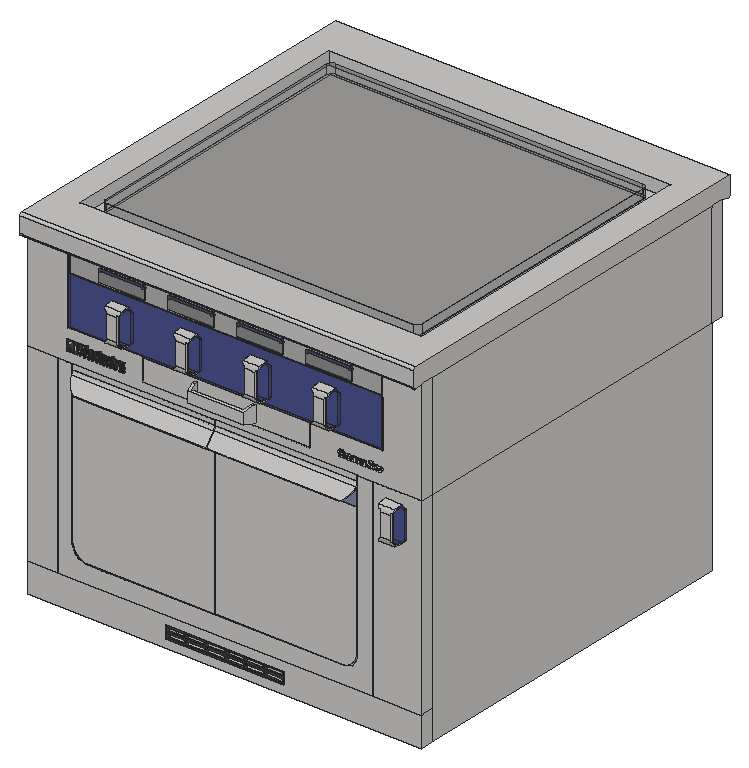
Revit family "QF_ELECTROLUXPROFESSIONAL_588460_MALQEAH4AO", category Attrezzature speciali, Revit 2020
Family settings
  Quota connettore circolare = Usa diametro
  Tipo di parte = Normale
  Basato su piano di lavoro = No
  Sempre verticale = Sì
  Taglio con vuoti quando caricato = No
  Condiviso = No
  Punto di calcolo locali = No
Parameters (values of type "Standard")
  Weight = 143.00 kg
  Watts = 14300 W
  Volts = 400 V
  URL Manufacturer = "https://www.electroluxprofessional.com/"
  URL = "https://www.electroluxprofessional.com/"
  Steam Supply Size = 0"
  Steam Supply Minimum Pressure = 0.00 psi
  Steam Supply Maximum Pressure = 0.00 psi
  Steam Consumption per Hour = 0
  Refrigeration Suction Line Size = 0 mm
  Refrigeration Liquid Line Size = 0 mm
  Refrigerant Compressor Remote = yes
  Prospetto di default = 0 mm
  Phase = 3
  Modello = "MALQEAH4AO"
  Produttore = "Electrolux Professional"
  Length Actual = 800 mm  # constant formula
  Item Number = "588460"
  Hot Water Size = 0"
  Height Actual = 700 mm  # constant formula
  HP = "19.2 HP"
  Gas Size = 0"
  Gas KW = 0
  Gas Input Pressure = 0.0 Btu/h
  Direct Waste Size = 0"
  Descrizione = "EL.SOLID T,ECO,WARM.CAB.1S,800X800X700H"
  Depth Actual = 800 mm  # constant formula
  Cycle = 50 Hz
  Condensate Return Size = 0"
  Compressed Air Volume = 0 GPM
  Compressed Air Size = 0"
  Compressed Air Pressure = 0.00 psi
  Cold Water Size = 0"
  Accessory = yes
Reference planes
  plane 1 "BACK": y = 0
  plane 2: z = 0
  plane 3 "LEFT": x = 0
  plane 4 "RIGHT": x = 800
  plane 5 "FRONT": y = -800
  plane 6 "TOP": z = 900
  plane 7 "Center (Left/Right)": x = 400
  plane 8: y = -400
  plane 9: z = 200
  plane 10: y = -150
  plane 11 "Panel": y = -755
  plane 12: z = 798
  plane 13: z = 1327
  plane 14: x = 78
  plane 15: x = 722
  plane 16: y = -150
  plane 17: y = -650
  plane 18 "EIx": x = 755
  plane 19 "EIy": y = -585
  plane 20: x = 380
  plane 21 "BASE_TOP": z = 650
  plane 22: x = 60
  plane 23: x = 700
  plane 24: z = 260
Forms (mm)
  Extrusion 1, solid, material "QF_Finishes_Stainless Steel"
    sketch origin (-178.969, -4571, 200) x (-1, 0, 0) y (0, -1, 0)
      loop
        line (-178.969, -4526) -> (-178.969, -3816) -> (-978.969, -3816) -> (-978.969, -4526) -> (-178.969, -4526)
    from 450 to 663
  Extrusion 2, solid, material "QF_Finishes_Stainless Steel"
    sketch origin (0, 0, 0) x (0, 1, 0) y (0, 0, 1)
      loop
        line (-755, 200) -> (-755, 260) -> (-780, 260) -> (-780, 200) -> (-755, 200)
    from 0 to 800
  Extrusion 3, solid, material "QF_Finishes_Stainless Steel"
    sketch origin (-588.969, -4562, 200) x (-1, 0, 0) y (0, -1, 0)
      loop
        circle (-1343.969, -3977) r 6.35
    from 0 to -11.851
  Extrusion 4, solid, material "QF_Finishes_Stainless Steel"
    sketch origin (400, 296.4, 1219.2) x (0, 1, 0) y (0, 0, 1)
      loop
        line (-296.4, -319.2) -> (-1091.4, -319.2)
        arc (-1091.4, -319.2) -> (-1094.935, -320.664) -> (-1096.4, -324.2) r 5
        line (-1096.4, -324.2) -> (-1096.4, -355.2)
        arc (-1096.4, -355.2) -> (-1094.971, -358.264) -> (-1091.705, -359.139) r 4
        line (-1091.705, -359.139) -> (-1076.4, -356.231) -> (-316.4, -356.231) -> (-301.094, -359.139)
        arc (-301.094, -359.139) -> (-297.829, -358.264) -> (-296.4, -355.2) r 4
        line (-296.4, -355.2) -> (-296.4, -319.2)
    from -400 to 400
  Extrusion 5, solid, material "QF_Finishes_Electrolux_Black Smoke Iluminated"
    sketch origin (0, 0, 900) x (-1, 0, 0) y (0, -1, 0)
      loop
        arc (-88, 109) -> (-80.929, 111.929) -> (-78, 119) r 10
        line (-78, 119) -> (-78, 680)
        arc (-78, 680) -> (-80.929, 687.071) -> (-88, 690) r 10
        line (-88, 690) -> (-712, 690)
        arc (-712, 690) -> (-719.071, 687.071) -> (-722, 680) r 10
        line (-722, 680) -> (-722, 119)
        arc (-722, 119) -> (-719.071, 111.929) -> (-712, 109) r 10
        line (-712, 109) -> (-88, 109)
    from 0 to -20
  Extrusion 6, solid, material "QF_Finishes_Stainless Steel"
    sketch origin (-178.969, -4571, 200) x (-1, 0, 0) y (0, -1, 0)
      loop
        line (-178.969, -4526) -> (-178.969, -3816) -> (-978.969, -3816) -> (-978.969, -4526) -> (-178.969, -4526)
    from 450 to 0
  Extrusion 7, void
    sketch origin (0, -755, 0) x (-1, 0, 0) y (0, 0, 1)
      loop
        line (-520, 216.594) -> (-280, 216.594) -> (-280, 241.594) -> (-520, 241.594) -> (-520, 216.594)
    from 0 to -25
  Extrusion 8, solid, material "QF_Finishes_Black"
    sketch origin (0, -755, 0) x (-1, 0, 0) y (0, 0, 1)
      loop
        line (-280, 241.594) -> (-520, 241.594) -> (-520, 216.594) -> (-280, 216.594) -> (-280, 241.594)
      loop
        line (-282, 239.594) -> (-319.131, 239.594) -> (-319.131, 230.094) -> (-282, 230.094) -> (-282, 239.594)
      loop
        line (-282, 218.594) -> (-282, 228.094) -> (-319.131, 228.094) -> (-319.131, 218.594) -> (-282, 218.594)
      loop
        line (-321.131, 239.594) -> (-359.066, 239.594) -> (-359.066, 230.094) -> (-321.131, 230.094) -> (-321.131, 239.594)
      loop
        line (-399, 239.594) -> (-399, 230.094) -> (-361.066, 230.094) -> (-361.066, 239.594) -> (-399, 239.594)
      loop
        line (-401, 239.594) -> (-438.934, 239.594) -> (-438.934, 230.094) -> (-401, 230.094) -> (-401, 239.594)
      loop
        line (-359.066, 218.594) -> (-321.131, 218.594) -> (-321.131, 228.094) -> (-359.066, 228.094) -> (-359.066, 218.594)
      loop
        line (-361.066, 218.594) -> (-361.066, 228.094) -> (-399, 228.094) -> (-399, 218.594) -> (-361.066, 218.594)
      loop
        line (-401, 228.094) -> (-438.934, 228.094) -> (-438.934, 218.594) -> (-401, 218.594) -> (-401, 228.094)
      loop
        line (-518, 239.594) -> (-518, 230.094) -> (-480.869, 230.094) -> (-480.869, 239.594) -> (-518, 239.594)
      loop
        line (-518, 218.594) -> (-480.869, 218.594) -> (-480.869, 228.094) -> (-518, 228.094) -> (-518, 218.594)
      loop
        line (-478.869, 239.594) -> (-478.869, 230.094) -> (-440.934, 230.094) -> (-440.934, 239.594) -> (-478.869, 239.594)
      loop
        line (-440.934, 218.594) -> (-440.934, 228.094) -> (-478.869, 228.094) -> (-478.869, 218.594) -> (-440.934, 218.594)
    from -25.03 to -20
  Extrusion 9, void
    sketch origin (0, 0, 900) x (-1, 0, 0) y (0, -1, 0)
      loop
        line (-53, 715) -> (-747, 715) -> (-747, 84) -> (-53, 84) -> (-53, 715)
    from 0 to -25
  Extrusion 10, solid, material "QF_Finishes_Stainless Steel"
    sketch origin (0, 0, 900) x (-1, 0, 0) y (0, -1, 0)
      loop
        line (-82, 113) -> (-82, 686) -> (-718, 686) -> (-718, 113) -> (-82, 113)
    from -20 to -25
  Extrusion 11, solid, material "QF_Finishes_Stainless Steel"
    sketch origin (0, -755, 0) x (-1, 0, 0) y (0, 0, 1)
      loop
        line (0, 260) -> (0, 650) -> (-60, 650) -> (-60, 260) -> (0, 260)
    from 0 to -25.03
  Extrusion 12, solid, material "QF_Finishes_Stainless Steel"
    sketch origin (0, -755, 0) x (-1, 0, 0) y (0, 0, 1)
      loop
        line (-700, 260) -> (-700, 650) -> (-800, 650) -> (-800, 260) -> (-700, 260)
    from 0 to -25.03
  Extrusion 13, solid, material "QF_Finishes_Stainless Steel"
    sketch origin (70, -755, 0) x (-1, 0, 0) y (0, 0, 1)
      loop
        line (10, 260) -> (10, 650) -> (-20, 650) -> (-20, 325)
        arc (-20, 325) -> (-28.787, 303.787) -> (-50, 295) r 30
        line (-50, 295) -> (-570, 295)
        arc (-570, 295) -> (-591.213, 303.787) -> (-600, 325) r 30
        line (-600, 325) -> (-600, 650) -> (-630, 650) -> (-630, 260) -> (10, 260)
    from 0 to -25.03
  Extrusion 14, solid, material "QF_Finishes_Stainless Steel"
    sketch origin (0, 0, 0) x (1, 0, 0) y (0, 0, 1)
      loop
        line (0, 650) -> (800, 650) -> (800, 862.969) -> (0, 862.969) -> (0, 650)
    from 45 to 20
Cuts and joins
  Extrusion 7 cuts Extrusion 6
  Extrusion 7 cuts Extrusion 2
  Extrusion 9 cuts Extrusion 4
Lines and regions (mm)
  symbolic lines
    curve 1: line (0, 0, 200) -> (800, 0, 200)
    curve 2: line (0, -800, 200) -> (0, 0, 200)
    curve 3: line (800, -800, 200) -> (0, -800, 200)
    curve 4: line (800, 0, 200) -> (800, -800, 200)
    curve 5: line (712, -109, 200) -> (88, -109, 200)
    curve 6: line (88, -690, 200) -> (712, -690, 200)
    curve 7: line (722, -680, 200) -> (722, -119, 200)
    curve 8: arc (88, -109, 200) -> (80.929, -111.929, 200) -> (78, -119, 200) r 10
    curve 9: arc (722, -119, 200) -> (719.071, -111.929, 200) -> (712, -109, 200) r 10
    curve 10: arc (712, -690, 200) -> (719.071, -687.071, 200) -> (722, -680, 200) r 10
    curve 11: arc (78, -680, 200) -> (80.929, -687.071, 200) -> (88, -690, 200) r 10
    curve 12: line (747, -84, 900) -> (53, -84, 900)
    curve 13: line (53, -84, 900) -> (53, -715, 900)
    curve 14: line (747, -715, 900) -> (747, -84, 900)
    curve 15: line (53, -715, 900) -> (747, -715, 900)
  model lines, style "SpecialityEquipment"
    curve 16: line (78, -119, 900) -> (78, -680, 900)
    curve 17: arc (584, -161, 900) -> (530.967, -289.033, 900) -> (659, -236, 900) r 75
    curve 18: line (639, -236, 900) -> (679, -236, 900)
    curve 19: line (679, -236, 900) -> (659, -216, 900)
    curve 20: line (639, -236, 900) -> (659, -216, 900)
    curve 21: arc (216, -161, 900) -> (162.967, -289.033, 900) -> (291, -236, 900) r 75
    curve 22: line (271, -236, 900) -> (311, -236, 900)
    curve 23: line (311, -236, 900) -> (291, -216, 900)
    curve 24: line (271, -236, 900) -> (291, -216, 900)
    curve 25: arc (584, -489, 900) -> (530.967, -617.033, 900) -> (659, -564, 900) r 75
    curve 26: line (639, -564, 900) -> (679, -564, 900)
    curve 27: line (679, -564, 900) -> (659, -544, 900)
    curve 28: line (639, -564, 900) -> (659, -544, 900)
    curve 29: arc (216, -489, 900) -> (162.967, -617.033, 900) -> (291, -564, 900) r 75
    curve 30: line (271, -564, 900) -> (311, -564, 900)
    curve 31: line (311, -564, 900) -> (291, -544, 900)
    curve 32: line (271, -564, 900) -> (291, -544, 900)
Dimensions and locks
  plane 3 "LEFT" to plane 4 "RIGHT" = 800 mm
  plane 5 "FRONT" to plane 1 "BACK" = 800 mm
  equal spacing: plane 3 "LEFT", plane 7 "Center (Left/Right)", plane 4 "RIGHT"
  equal spacing: plane 5 "FRONT", plane 8, plane 1 "BACK"
  plane 9 to level = 200 mm
  plane 1 "BACK" to plane 10 to plane 11 "Panel" = 150 mm, 605 mm  (x2)
  plane 6 "TOP" to plane 9 to level = 700 mm, 200 mm
  plane 6 "TOP" to level = 900 mm
  plane 1 "BACK" to plane 5 "FRONT" = 800 mm
  plane 1 "BACK" to Extrusion 3 = 585 mm
  plane 12 to plane 9 = 598 mm
  plane 13 to plane 6 "TOP" = 427 mm
  plane 6 "TOP" to plane 12 = 102 mm
  plane 14 to plane 3 "LEFT" = 78 mm
  plane 15 to plane 4 "RIGHT" = 78 mm
  locked: plane 1 "BACK" to plane 16 at 150
  locked: plane 16 to plane 17 at 500
  plane 11 "Panel" to plane 5 "FRONT" = 45 mm
  plane 18 "EIx" to plane 4 "RIGHT" = 45 mm
  plane 19 "EIy" to plane 1 "BACK" = 585 mm
  plane 7 "Center (Left/Right)" to plane 20 = 20 mm
  locked: plane 22 to plane 3 "LEFT" at 60
  plane 23 to plane 4 "RIGHT" = 100 mm
  plane 6 "TOP" to plane 21 "BASE_TOP" to plane 9 to level = 250 mm, 450 mm, 200 mm
  aligned and locked: level to plane 2
  aligned and locked: Extrusion 2 to plane 4 "RIGHT"
  aligned and locked: Extrusion 12 to plane 4 "RIGHT"
  aligned and locked: Extrusion 12 to plane 23
  aligned and locked: plane 21 "BASE_TOP" to Extrusion 12
  aligned and locked: Extrusion 12 to plane 24
  aligned and locked: Extrusion 11 to plane 3 "LEFT"
  aligned and locked: plane 22 to Extrusion 11
  aligned and locked: Extrusion 11 to plane 24
  aligned and locked: Extrusion 13 sketch curve to plane 22
  aligned and locked: Extrusion 13 sketch curve to plane 23
  aligned and locked: Extrusion 13 sketch curve to plane 21 "BASE_TOP"
  aligned and locked: Extrusion 14 to plane 3 "LEFT"
  aligned and locked: Extrusion 14 to plane 21 "BASE_TOP"
  aligned and locked: Extrusion 14 to cut or joined group of Extrusion 4, Extrusion 9
  aligned and locked: plane 24 to cut or joined group of Extrusion 2, Extrusion 7
Automatic sketch dimensions
  Extrusion 1 sketch curve to plane 4 "RIGHT" = 0 mm
  Extrusion 1 sketch curve to plane 3 "LEFT" = 0 mm
  plane 11 "Panel" to Extrusion 1 sketch curve = 0 mm
  plane 1 "BACK" to Extrusion 1 sketch curve = 45 mm
  Extrusion 2 sketch curve to plane 9 = 0 mm
  Extrusion 2 sketch curve to plane 11 "Panel" = 0 mm
  plane 24 to Extrusion 2 sketch curve = 0 mm
  Extrusion 2 sketch curve to plane 5 "FRONT" = 20 mm
  plane 1 "BACK" to curve 1 = 0 mm
  curve 1 to plane 4 "RIGHT" = 0 mm
  curve 7 to plane 15 = 0 mm
  curve 2 to plane 3 "LEFT" = 0 mm
  plane 5 "FRONT" to curve 3 = 0 mm
  plane 15 to curve 5 = 10 mm
  curve 10 to curve 10 = 10 mm
  curve 5 to plane 14 = 10 mm
  plane 10 to curve 5 = 41 mm
  plane 17 to curve 10 = 30 mm
  Extrusion 3 sketch curve to plane 18 "EIx" = 0 mm
  Extrusion 3 sketch curve to plane 19 "EIy" = 0 mm
  Extrusion 4 sketch curve to plane 5 "FRONT" = 0 mm
  Extrusion 4 sketch curve to plane 6 "TOP" = 0 mm
  Extrusion 4 sketch curve to plane 1 "BACK" = 0 mm
  Extrusion 4 sketch curve to plane 5 "FRONT" = 4 mm
  Extrusion 4 sketch curve to Extrusion 4 sketch curve = 0.695 mm
  Extrusion 4 sketch curve to plane 5 "FRONT" = 5 mm
  Extrusion 4 sketch curve to Extrusion 4 sketch curve = 15.305 mm
  plane 1 "BACK" to Extrusion 4 sketch curve = 20 mm
  plane 1 "BACK" to Extrusion 4 sketch curve = 4.695 mm
  Extrusion 4 sketch curve to Extrusion 4 sketch curve = 4 mm
  Extrusion 4 sketch curve to Extrusion 4 sketch curve = 31 mm
  Extrusion 4 sketch curve to plane 6 "TOP" = 36 mm
  Extrusion 4 sketch curve to Extrusion 4 sketch curve = 2.909 mm
  Extrusion 5 sketch curve to plane 15 = 0 mm
  Extrusion 5 sketch curve to plane 14 = 0 mm
  plane 15 to Extrusion 5 sketch curve = 10 mm  (x2)
  Extrusion 5 sketch curve to Extrusion 5 sketch curve = 10 mm  (x2)
  plane 10 to Extrusion 5 sketch curve = 41 mm
  plane 17 to Extrusion 5 sketch curve = 30 mm
  Extrusion 6 sketch curve to plane 4 "RIGHT" = 0 mm
  Extrusion 6 sketch curve to plane 3 "LEFT" = 0 mm
  plane 11 "Panel" to Extrusion 6 sketch curve = 0 mm
  plane 1 "BACK" to Extrusion 6 sketch curve = 45 mm
  plane 9 to Extrusion 7 sketch curve = 41.594 mm
  plane 7 "Center (Left/Right)" to Extrusion 7 sketch curve = 120 mm
  Extrusion 7 sketch curve to plane 20 = 100 mm
  plane 9 to Extrusion 7 sketch curve = 16.594 mm
  plane 9 to Extrusion 8 sketch curve = 41.594 mm
  plane 7 "Center (Left/Right)" to Extrusion 8 sketch curve = 120 mm
  Extrusion 8 sketch curve to Extrusion 8 sketch curve = 2 mm  (x16)
  Extrusion 8 sketch curve to Extrusion 8 sketch curve = 0 mm  (x15)
  Extrusion 8 sketch curve to Extrusion 8 sketch curve = 37.131 mm  (x2)
  Extrusion 8 sketch curve to Extrusion 8 sketch curve = 37.934 mm  (x2)
  plane 7 "Center (Left/Right)" to Extrusion 8 sketch curve = 1 mm  (x2)
  Extrusion 8 sketch curve to plane 7 "Center (Left/Right)" = 1 mm  (x2)
  Extrusion 8 sketch curve to plane 20 = 18.934 mm
  plane 9 to Extrusion 8 sketch curve = 18.594 mm  (x4)
  Extrusion 8 sketch curve to Extrusion 8 sketch curve = 9.5 mm  (x6)
  plane 18 "EIx" to Extrusion 9 sketch curve = 8 mm
  Extrusion 9 sketch curve to plane 22 = 7 mm
  plane 10 to Extrusion 9 sketch curve = 66 mm
  plane 11 "Panel" to Extrusion 9 sketch curve = 40 mm
  plane 15 to Extrusion 10 sketch curve = 4 mm
  Extrusion 10 sketch curve to plane 14 = 4 mm
  plane 10 to Extrusion 10 sketch curve = 37 mm
  plane 17 to Extrusion 10 sketch curve = 36 mm
  plane 18 "EIx" to curve 15 = 8 mm
  curve 19 to plane 23 = 21 mm
  curve 27 to plane 23 = 21 mm
  curve 26 to curve 27 = 20 mm
  curve 18 to curve 20 = 20 mm
  curve 19 to curve 20 = 20 mm
  curve 27 to curve 26 = 20 mm
  curve 18 to curve 17 = 55 mm
  curve 26 to curve 25 = 55 mm
  curve 31 to plane 20 = 69 mm
  curve 23 to plane 20 = 69 mm
  curve 22 to curve 24 = 20 mm
  curve 30 to curve 31 = 20 mm
  curve 31 to curve 32 = 20 mm
  curve 23 to curve 24 = 20 mm
  curve 22 to curve 21 = 55 mm
  curve 30 to curve 29 = 55 mm
  curve 13 to plane 22 = 7 mm
  curve 22 to plane 10 = 86 mm
  curve 18 to plane 10 = 86 mm
  plane 10 to curve 12 = 66 mm
  plane 11 "Panel" to curve 14 = 40 mm
  curve 25 to curve 26 = 20 mm
  curve 17 to curve 18 = 20 mm
  curve 29 to curve 30 = 20 mm
  curve 21 to curve 22 = 20 mm
  Extrusion 11 sketch curve to plane 22 = 0 mm
  Extrusion 11 sketch curve to plane 3 "LEFT" = 0 mm
  Extrusion 11 sketch curve to plane 24 = 0 mm
  Extrusion 11 sketch curve to plane 21 "BASE_TOP" = 0 mm
  plane 4 "RIGHT" to Extrusion 12 sketch curve = 0 mm
  Extrusion 12 sketch curve to plane 21 "BASE_TOP" = 0 mm
  Extrusion 12 sketch curve to plane 23 = 0 mm
  Extrusion 12 sketch curve to plane 24 = 0 mm
  Extrusion 13 sketch curve to plane 21 "BASE_TOP" = 0 mm
  Extrusion 13 sketch curve to plane 24 = 0 mm
  Extrusion 13 sketch curve to plane 23 = 30 mm
  Extrusion 13 sketch curve to Extrusion 13 sketch curve = 30 mm
  Extrusion 13 sketch curve to plane 14 = 42 mm
  Extrusion 13 sketch curve to plane 14 = 12 mm
  plane 24 to Extrusion 13 sketch curve = 35 mm
  plane 21 "BASE_TOP" to Extrusion 14 sketch curve = 212.969 mm
  Extrusion 14 sketch curve to plane 23 = 700 mm
  plane 4 "RIGHT" to Extrusion 14 sketch curve = 0 mm
  plane 24 to Extrusion 14 sketch curve = 390 mm
  curve 16 to plane 14 = 0 mm
  plane 10 to curve 16 = 31 mm
  plane 17 to curve 16 = 30 mm
  plane 19 "EIy" to curve 31 = 21 mm
  curve 11 to plane 14 = 0 mm
  curve 8 to plane 14 = 0 mm
  curve 11 to plane 14 = 10 mm
  plane 19 "EIy" to curve 28 = 41 mm
  radius of Extrusion 3 sketch curve = 6.35 mm
Nested families
  nested 1: "FIT Range Control Handle" at (745, -783.167, -372.751), type "FIT Range Control Handle"
  nested 2: "Front_Panel_W800_Four Knobs" at (202.376, -755, 0), type "Front_Panel_W800_Four Knobs"
  nested 3: "H450H2_2DOOR" at (343.958, -755, 200) x (1, 0, 0) z (0, -1, 0), type "H450H2_2DOOR"
    with Width 580 mm, Wdoor 290 mm, Show Clearance yes
  nested 4: "Warm" at (800, -800, 900), type "Warm"
Connectors
  electrical at (755, -585, 188.149)
    settings: on Extrusion 3, index 1, voltage 400 V, apparent load 33000 VA, apparent load phase1 0 VA, apparent load phase2 0 VA, apparent load phase3 0 VA, power factor 1, load classification "Other", number of poles 1, system type 30, power factor state 1, is connector primary yes, connector utility no, sub classification motor no, connector description "ELECTRICAL CONNECTION"
Definition of nested family "FIT Range Control Handle"
  Parameters
    Default Elevation = 0 mm
  Reference planes
    plane 1 "Center (Front/Back)": y = 0
    plane 2: z = 0
    plane 3 "Center (Left/Right)": x = 0
    plane 4: z = 971.092
    plane 5: y = -16.8
  Forms (mm)
    Extrusion 1, solid
      sketch origin (-746.28, 380.497, 208.931) x (-1, 0, 0) y (0, 0, 1)
        loop
          line (-770.101, 786.798) -> (-770.101, 731.649)
          arc (-770.101, 731.649) -> (-769.759, 730.563) -> (-768.855, 729.87) r 1.893
          line (-768.855, 729.87) -> (-763.474, 727.911) -> (-729.81, 727.911) -> (-724.428, 729.87)
          arc (-724.428, 729.87) -> (-723.525, 730.563) -> (-723.183, 731.649) r 1.893
          line (-723.183, 731.649) -> (-723.183, 786.798)
          arc (-723.183, 786.798) -> (-723.529, 787.894) -> (-724.44, 788.593) r 1.91
          line (-724.44, 788.593) -> (-729.683, 790.819) -> (-763.601, 790.819) -> (-768.844, 788.593)
          arc (-768.844, 788.593) -> (-769.755, 787.894) -> (-770.101, 786.798) r 1.91
      from -382.35 to -378.852
    Sweep 2, solid
      path origin (-746.788, 380.496, 208.091) x (0, -1, 0) y (0, 0, 1)
        loop
          line (379.775, 793.281) -> (395.661, 791.048)
          arc (395.661, 791.048) -> (397.781, 787.377) -> (398.517, 783.202) r 12.207
          line (398.517, 783.202) -> (398.517, 737.368)
          arc (398.517, 737.368) -> (397.781, 733.193) -> (395.661, 729.522) r 12.207
          line (395.661, 729.522) -> (379.775, 727.289)
      profile origin (-746.788, -7.222, 1000.256) x (0, -0.139173, 0.990268) y (-1, 0, 0)
        loop
          line (0.782, -763.123) -> (0.782, -730.907) -> (-1.322, -730.907) -> (-1.322, -763.123) -> (0.782, -763.123)
    Sweep 3, solid
      path origin (-746.788, 380.715, 207.832) x (0, -1, 0) y (0, 0, 1)
        loop
          line (380.478, 795.442) -> (397.218, 793.09)
          arc (397.218, 793.09) -> (399.929, 788.473) -> (400.871, 783.202) r 15.207
          line (400.871, 783.202) -> (400.871, 737.584)
          arc (400.871, 737.584) -> (399.914, 732.274) -> (397.164, 727.633) r 15.207
          line (397.164, 727.633) -> (380.601, 725.305)
      profile origin (-746.788, -8.132, 1002.099) x (0, -0.139173, 0.990268) y (-1, 0, 0)
        loop
          line (0.782, -763.123) -> (0.782, -730.907) -> (-1.322, -730.907) -> (-1.322, -763.123) -> (0.782, -763.123)
    Extrusion 4, void
      sketch origin (889.253, 220.666, 207.993) x (1, 0, 0) y (0, 0, 1)
        loop
          line (-943.038, 816.854) -> (-943.038, 703.686) -> (-899.466, 734.196) -> (-899.466, 786.344) -> (-943.038, 816.854)
      from 230.636 to 242.25
    Extrusion 5, void
      sketch origin (-888.8, 220.666, 207.993) x (-1, 0, 0) y (0, 0, -1)
        loop
          line (-943.038, -816.854) -> (-899.466, -786.344) -> (-899.466, -734.196) -> (-943.038, -703.686) -> (-943.038, -816.854)
      from 230.636 to 242.25
    Extrusion 6, solid
      sketch origin (0, 0, 0) x (1, 0, 0) y (0, 0, 1)
        loop
          circle (0, 971.092) r 7.736
      from -3.137 to -1.645
  Cuts and joins
    Extrusion 4, Extrusion 5 cuts Sweep 3
    Extrusion 4, Extrusion 5 cuts Sweep 2
    joined: Extrusion 1, Extrusion 6
  Lines and regions (mm)
    symbolic lines
      curve 1: line (-15.881, -19.189, 0) -> (-15.881, -16.8, 0)
      curve 2: line (16.334, -19.189, 0) -> (16.334, -16.8, 0)
      curve 3: spline (-15.881, -19.189, 0) -> (-15.417, -19.349, 0) -> (-14.951, -19.501, 0) -> (-14.483, -19.646, 0) -> (-14.014, -19.783, 0) -> (-13.543, -19.912, 0) -> (-13.071, -20.033, 0) -> (-12.597, -20.146, 0) -> (-12.122, -20.251, 0) -> (-11.646, -20.349, 0) -> (-11.169, -20.438, 0) -> (-10.691, -20.52, 0) -> (-10.213, -20.593, 0)
      curve 4: spline (10.666, -20.593, 0) -> (11.144, -20.52, 0) -> (11.622, -20.438, 0) -> (12.099, -20.349, 0) -> (12.575, -20.251, 0) -> (13.05, -20.146, 0) -> (13.524, -20.033, 0) -> (13.996, -19.912, 0) -> (14.467, -19.783, 0) -> (14.936, -19.646, 0) -> (15.404, -19.501, 0) -> (15.87, -19.349, 0) -> (16.334, -19.189, 0)
      curve 5: line (-10.213, -20.938, 0) -> (10.716, -20.938, 0)
  Dimensions and locks
    cut or joined group of Sweep 3, Extrusion 4, Extrusion 5 to cut or joined group of Sweep 3, Extrusion 4, Extrusion 5 = 71.686 mm
Definition of nested family "Front_Panel_W800_Four Knobs"
  Parameters
    Default Elevation = 0 mm
  Reference planes
    plane 1 "Center (Front/Back)": y = 0
    plane 2: z = 0
    plane 3 "Center (Left/Right)": x = 197.624
    plane 4 "Left": x = -202.376
    plane 5 "Right": x = 597.624
    plane 6: y = -45
    plane 7: x = -12.376
    plane 8: x = 127.624
    plane 9: y = -310
    plane 10: y = -25
    plane 11: x = 517.624
    plane 12: x = -122.376
  Forms (mm)
    Extrusion 1, solid
      sketch origin (833.217, 829.203, -1.25) x (0, 1, 0) y (0, 0, 1)
        loop
          line (-854.203, 651.25) -> (-829.203, 651.25) -> (-829.203, 864.25) -> (-854.203, 864.25) -> (-854.203, 651.25)
      from -1035.593 to -235.593
    Extrusion 2, void
      sketch origin (0, 0, 0) x (1, 0, 0) y (0, 0, 1)
        loop
          line (-122.376, 853.866) -> (-122.376, 711.866) -> (517.624, 711.866) -> (517.624, 853.866) -> (-122.376, 853.866)
      from 19.387 to 33.951
    Extrusion 3, void
      sketch origin (0, 0, 0) x (1, 0, 0) y (0, 0, 1)
        loop
          line (30.124, 711.866) -> (30.124, 666.866) -> (370.124, 666.866) -> (370.124, 711.866) -> (30.124, 711.866)
      from 19.387 to 25
    Extrusion 4, solid
      sketch origin (0, 0, 0) x (1, 0, 0) y (0, 0, 1)
        loop
          line (31.124, 710.866) -> (31.124, 667.866) -> (369.124, 667.866) -> (369.124, 710.866) -> (31.124, 710.866)
      from 19.387 to 25
    Extrusion 5, solid
      sketch origin (0, 0, 0) x (1, 0, 0) y (0, 1, 0)
        loop
          line (141.059, -25) -> (135.966, -25) -> (140.646, -49.075) -> (254.603, -49.075) -> (259.283, -25) -> (254.189, -25) -> (250.481, -44.075) -> (144.767, -44.075) -> (141.059, -25)
      from 672.593 to 705.67
    Extrusion 6, void
      sketch origin (197.624, 0, 0) x (0, 1, 0) y (0, 0, 1)
        loop
          line (-30, 705.67) -> (-30, 710.67) -> (-56.744, 710.67) -> (-56.744, 667.593) -> (-30, 667.593) -> (-30, 672.593) -> (-53.776, 680.318) -> (-53.776, 697.945) -> (-30, 705.67)
      from -70 to 70
    Extrusion 7, solid, detail levels coarse
      sketch origin (0, -265, 0) x (1, 0, 0) y (0, 1, 0)
        loop
          line (140.646, -69.075) -> (254.603, -69.075) -> (259.283, -45) -> (364.124, -45) -> (364.124, 240) -> (31.124, 240) -> (31.124, -45) -> (135.966, -45) -> (140.646, -69.075)
      from 672.593 to 705.67
    Extrusion 8, void
      sketch origin (197.624, -280, 0) x (0, 1, 0) y (0, 0, 1)
        loop
          line (-30, 705.67) -> (-30, 710.67) -> (-56.744, 710.67) -> (-56.744, 667.593) -> (-30, 667.593) -> (-30, 672.593) -> (-53.776, 680.318) -> (-53.776, 697.945) -> (-30, 705.67)
      from -70 to 70
  Cuts and joins
    Extrusion 2, Extrusion 3 cuts Extrusion 1
    Extrusion 6, Extrusion 8 cuts Extrusion 5
    Extrusion 8 cuts Extrusion 7
  Lines and regions (mm)
    symbolic lines
      curve 1: line (31.124, -45, 0) -> (31.124, -310, 0)
      curve 2: line (31.124, -310, 0) -> (364.124, -310, 0)
      curve 3: line (135.966, -310, 0) -> (140.646, -334.075, 0)
      curve 4: line (140.646, -334.075, 0) -> (254.603, -334.075, 0)
      curve 5: line (254.603, -334.075, 0) -> (259.283, -310, 0)
      curve 6: line (364.124, -310, 0) -> (364.124, -45, 0)
      curve 7: line (31.124, -300, 0) -> (364.124, -300, 0)
      curve 8: line (140.874, -309.046, 0) -> (144.767, -329.075, 0)
      curve 9: line (144.767, -329.075, 0) -> (250.481, -329.075, 0)
      curve 10: line (250.481, -329.075, 0) -> (254.375, -309.046, 0)
  Dimensions and locks
    equal spacing: plane 5 "Right", plane 3 "Center (Left/Right)", plane 4 "Left"
    plane 5 "Right" to plane 4 "Left" = 800 mm
    plane 3 "Center (Left/Right)" to plane 7 = 210 mm
    plane 3 "Center (Left/Right)" to plane 8 = 70 mm
    plane 6 to plane 9 = 265 mm
    aligned and locked: cut or joined group of Extrusion 1, Extrusion 2, Extrusion 3 to plane 4 "Left"
    aligned and locked: plane 5 "Right" to cut or joined group of Extrusion 1, Extrusion 2, Extrusion 3
    aligned and locked: plane 3 "Center (Left/Right)" to nested 2
    aligned and locked: cut or joined group of Extrusion 1, Extrusion 2, Extrusion 3 to nested 2
  Automatic sketch dimensions
    plane 7 to Extrusion 3 sketch curve = 42.5 mm
    plane 3 "Center (Left/Right)" to Extrusion 3 sketch curve = 172.5 mm
    level to Extrusion 3 sketch curve = 666.866 mm
    Extrusion 3 sketch curve to Extrusion 3 sketch curve = 45 mm
    plane 7 to Extrusion 4 sketch curve = 43.5 mm
    plane 3 "Center (Left/Right)" to Extrusion 4 sketch curve = 171.5 mm
    level to Extrusion 4 sketch curve = 667.866 mm
    Extrusion 4 sketch curve to Extrusion 4 sketch curve = 43 mm
    plane 8 to Extrusion 5 sketch curve = 8.342 mm
    plane 6 to Extrusion 5 sketch curve = 4.075 mm
    plane 8 to Extrusion 5 sketch curve = 13.021 mm
    Extrusion 5 sketch curve to Extrusion 5 sketch curve = 5.094 mm  (x2)
    Extrusion 5 sketch curve to plane 6 = 0.925 mm
    Extrusion 5 sketch curve to Extrusion 5 sketch curve = 4.122 mm  (x2)
    plane 3 "Center (Left/Right)" to Extrusion 5 sketch curve = 52.857 mm
    Extrusion 5 sketch curve to plane 6 = 20 mm  (x2)
    Extrusion 5 sketch curve to Extrusion 5 sketch curve = 3.708 mm
    plane 6 to Extrusion 6 sketch curve = 11.744 mm
    plane 6 to Extrusion 6 sketch curve = 8.776 mm
    Extrusion 6 sketch curve to plane 6 = 15 mm  (x2)
    level to Extrusion 6 sketch curve = 667.593 mm
    Extrusion 6 sketch curve to Extrusion 6 sketch curve = 5 mm
    Extrusion 6 sketch curve to Extrusion 6 sketch curve = 12.725 mm  (x2)
    Extrusion 6 sketch curve to Extrusion 6 sketch curve = 17.627 mm
    Extrusion 6 sketch curve to Extrusion 6 sketch curve = 7.725 mm
    Extrusion 8 sketch curve to plane 9 = 26.744 mm
    Extrusion 8 sketch curve to plane 9 = 23.776 mm
    plane 9 to Extrusion 8 sketch curve = 0 mm  (x2)
    level to Extrusion 8 sketch curve = 667.593 mm
    Extrusion 8 sketch curve to Extrusion 8 sketch curve = 5 mm
    Extrusion 8 sketch curve to Extrusion 8 sketch curve = 12.725 mm  (x2)
    Extrusion 8 sketch curve to Extrusion 8 sketch curve = 17.627 mm
    Extrusion 8 sketch curve to Extrusion 8 sketch curve = 7.725 mm
    plane 9 to Extrusion 7 sketch curve = 0 mm  (x2)
    plane 7 to Extrusion 7 sketch curve = 43.5 mm
    plane 8 to Extrusion 7 sketch curve = 8.342 mm
    Extrusion 7 sketch curve to plane 9 = 24.075 mm
    plane 8 to Extrusion 7 sketch curve = 13.021 mm
    Extrusion 7 sketch curve to Extrusion 7 sketch curve = 104.842 mm
    Extrusion 7 sketch curve to plane 6 = 20 mm
    plane 3 "Center (Left/Right)" to Extrusion 7 sketch curve = 56.979 mm
    Extrusion 7 sketch curve to Extrusion 7 sketch curve = 4.68 mm
    Extrusion 1 sketch curve to plane 1 "Center (Front/Back)" = 0 mm
    level to Extrusion 1 sketch curve = 650 mm
    plane 4 "Left" to Extrusion 2 sketch curve = 80 mm
    Extrusion 2 sketch curve to plane 5 "Right" = 80 mm
    level to Extrusion 2 sketch curve = 711.866 mm
    Extrusion 2 sketch curve to Extrusion 2 sketch curve = 142 mm
    plane 6 to curve 1 = 0 mm
    plane 6 to curve 6 = 0 mm
    plane 9 to curve 1 = 0 mm
    plane 7 to curve 1 = 43.5 mm
    curve 4 to plane 9 = 24.075 mm
    plane 8 to curve 4 = 13.021 mm
    curve 3 to curve 8 = 4.122 mm
    plane 3 "Center (Left/Right)" to curve 4 = 56.979 mm
    curve 4 to curve 2 = 109.521 mm
    plane 8 to curve 3 = 8.342 mm
    curve 3 to curve 8 = 4.908 mm
    curve 9 to curve 4 = 4.122 mm
    curve 10 to plane 9 = 19.075 mm
    curve 9 to curve 5 = 8.801 mm
    plane 9 to curve 10 = 0.954 mm
    curve 10 to curve 5 = 4.908 mm
    curve 3 to curve 8 = 0.954 mm
    curve 1 to curve 7 = 10 mm
    Extrusion 1 sketch curve to plane 6 = 20 mm
    Extrusion 1 sketch curve to Extrusion 1 sketch curve = 213 mm
  Nested families
    nested 1: "Range Control Handle" at (-12.376, -28.137, -209.113) x (-1, 0, 0) z (0, 0, 1), type "Range Control Handle"
    nested 2: "Front glass control panel W800" at (197.624, 280.644, 2.752), type "Front glass control panel W800"
    nested 3: "Range Control Handle" at (127.624, -28.137, -209.113) x (-1, 0, 0) z (0, 0, 1), type "Range Control Handle"
    nested 4: "Range Control Handle" at (407.624, -28.137, -209.113), type "Range Control Handle"
    nested 5: "Range Control Handle" at (267.624, -28.137, -209.113), type "Range Control Handle"
    nested 6: "ELX_ThermaLine_Small" at (468.838, -25, 679.426) x (1, 0, 0) z (0, -1, 0), type "ELX_ThermaLine_Small"
      with Show Logo yes, Material_Logo none
    nested 7: "ELX_Professional_Logo_Small" at (-62.89, -25, 681.659) x (1, 0, 0) z (0, -1, 0), type "ELX_Professional_Logo_Small"
      with Show Logo yes, Material_Logo none
  Definition of nested family "Range Control Handle"
    Parameters
      Default Elevation = 0 mm
    Reference planes
      plane 1 "Center (Front/Back)": y = 0
      plane 2: z = 0
      plane 3 "Center (Left/Right)": x = 0
      plane 4: z = 971.092
      plane 5: y = -16.9
    Forms (mm)
      Extrusion 1, solid
        sketch origin (-746.28, 380.497, 208.931) x (-1, 0, 0) y (0, 0, 1)
          loop
            line (-770.101, 786.798) -> (-770.101, 731.649)
            arc (-770.101, 731.649) -> (-769.759, 730.563) -> (-768.855, 729.87) r 1.893
            line (-768.855, 729.87) -> (-763.474, 727.911) -> (-729.81, 727.911) -> (-724.428, 729.87)
            arc (-724.428, 729.87) -> (-723.525, 730.563) -> (-723.183, 731.649) r 1.893
            line (-723.183, 731.649) -> (-723.183, 786.798)
            arc (-723.183, 786.798) -> (-723.529, 787.894) -> (-724.44, 788.593) r 1.91
            line (-724.44, 788.593) -> (-729.683, 790.819) -> (-763.601, 790.819) -> (-768.844, 788.593)
            arc (-768.844, 788.593) -> (-769.755, 787.894) -> (-770.101, 786.798) r 1.91
        from -382.35 to -378.852
      Sweep 2, solid
        path origin (-746.788, 380.496, 208.091) x (0, -1, 0) y (0, 0, 1)
          loop
            line (379.775, 793.281) -> (395.661, 791.048)
            arc (395.661, 791.048) -> (397.781, 787.377) -> (398.517, 783.202) r 12.207
            line (398.517, 783.202) -> (398.517, 737.368)
            arc (398.517, 737.368) -> (397.781, 733.193) -> (395.661, 729.522) r 12.207
            line (395.661, 729.522) -> (379.775, 727.289)
        profile origin (-746.788, -7.222, 1000.256) x (0, -0.139173, 0.990268) y (-1, 0, 0)
          loop
            line (0.782, -763.123) -> (0.782, -730.907) -> (-1.322, -730.907) -> (-1.322, -763.123) -> (0.782, -763.123)
      Sweep 3, solid
        path origin (-746.788, 380.715, 207.832) x (0, -1, 0) y (0, 0, 1)
          loop
            line (380.478, 795.442) -> (397.218, 793.09)
            arc (397.218, 793.09) -> (399.929, 788.473) -> (400.871, 783.202) r 15.207
            line (400.871, 783.202) -> (400.871, 737.584)
            arc (400.871, 737.584) -> (399.914, 732.274) -> (397.164, 727.633) r 15.207
            line (397.164, 727.633) -> (380.601, 725.305)
        profile origin (-746.788, -8.132, 1002.099) x (0, -0.139173, 0.990268) y (-1, 0, 0)
          loop
            line (0.782, -763.123) -> (0.782, -730.907) -> (-1.322, -730.907) -> (-1.322, -763.123) -> (0.782, -763.123)
      Extrusion 4, void
        sketch origin (889.253, 220.666, 207.993) x (1, 0, 0) y (0, 0, 1)
          loop
            line (-943.038, 816.854) -> (-943.038, 703.686) -> (-899.466, 734.196) -> (-899.466, 786.344) -> (-943.038, 816.854)
        from 230.636 to 242.25
      Extrusion 5, void
        sketch origin (-888.8, 220.666, 207.993) x (-1, 0, 0) y (0, 0, -1)
          loop
            line (-943.038, -816.854) -> (-899.466, -786.344) -> (-899.466, -734.196) -> (-943.038, -703.686) -> (-943.038, -816.854)
        from 230.636 to 242.25
      Extrusion 6, solid
        sketch origin (0, 0, 0) x (1, 0, 0) y (0, 0, 1)
          loop
            circle (0, 971.092) r 7.736
        from -3.137 to -1.645
    Cuts and joins
      Extrusion 4, Extrusion 5 cuts Sweep 3
      Extrusion 4, Extrusion 5 cuts Sweep 2
      joined: Extrusion 1, Extrusion 6
    Lines and regions (mm)
      symbolic lines
        curve 1: line (16.334, -16.9, 0) -> (16.334, -19.227, 0)
        curve 2: spline (16.334, -19.227, 0) -> (15.87, -19.385, 0) -> (15.404, -19.536, 0) -> (14.936, -19.678, 0) -> (14.466, -19.813, 0) -> (13.995, -19.94, 0) -> (13.523, -20.059, 0) -> (13.049, -20.171, 0) -> (12.575, -20.274, 0) -> (12.099, -20.37, 0) -> (11.622, -20.458, 0) -> (11.144, -20.537, 0) -> (10.666, -20.609, 0)
        curve 3: line (10.666, -16.9, 0) -> (10.666, -20.938, 0)
        curve 4: line (-10.213, -20.938, 0) -> (10.666, -20.938, 0)
        curve 5: line (-10.213, -20.938, 0) -> (-10.213, -16.9, 0)
        curve 6: spline (-10.213, -20.609, 0) -> (-10.691, -20.537, 0) -> (-11.169, -20.458, 0) -> (-11.646, -20.37, 0) -> (-12.122, -20.274, 0) -> (-12.597, -20.171, 0) -> (-13.07, -20.059, 0) -> (-13.542, -19.94, 0) -> (-14.013, -19.813, 0) -> (-14.483, -19.678, 0) -> (-14.951, -19.536, 0) -> (-15.417, -19.385, 0) -> (-15.881, -19.227, 0)
        curve 7: line (-15.881, -19.227, 0) -> (-15.881, -16.9, 0)
  Definition of nested family "Front glass control panel W800"
    Parameters
      Default Elevation = 0 mm
    Reference planes
      plane 1 "Center (Front/Back)": y = 0
      plane 2: z = 0
      plane 3 "Center (Left/Right)": x = 0
    Forms (mm)
      Extrusion 1, solid
        sketch origin (378.286, 0, 0.617) x (1, 0, 0) y (0, 0, 1)
          loop
            line (-698.286, 806.791) -> (-698.286, 708.497) -> (-58.286, 708.497) -> (-58.286, 806.791) -> (-698.286, 806.791)
        from 300.031 to 304.8
      Extrusion 2, solid
        sketch origin (378.286, 0, 0.617) x (1, 0, 0) y (0, 0, 1)
          loop
            line (-698.286, 850.497) -> (-698.286, 806.791) -> (-58.286, 806.791) -> (-58.286, 850.497) -> (-698.286, 850.497)
        from 300.031 to 304.8
      Extrusion 3, void
        sketch origin (378.286, 0, 0.617) x (1, 0, 0) y (0, 0, 1)
          loop
            line (-695.628, 847.565) -> (-695.628, 710.699) -> (-61.196, 710.699) -> (-61.196, 847.565) -> (-695.628, 847.565)
        from 303.697 to 304.8
      Extrusion 4, solid
        sketch origin (-378.333, 1.101, -0.633) x (-1, 0, 0) y (0, 0, -1)
          loop
            line (-261.431, -812.62) -> (-355.186, -812.62) -> (-355.186, -834.177) -> (-350.269, -834.177) -> (-348.469, -835.977) -> (-268.039, -835.977) -> (-266.24, -834.177) -> (-261.431, -834.177) -> (-261.431, -812.62)
        from 304.798 to 306.745
      Extrusion 5, solid
        sketch origin (-378.333, 1.101, -0.633) x (-1, 0, 0) y (0, 0, -1)
          loop
            line (-350.269, -834.177) -> (-355.078, -834.177)
            arc (-355.078, -834.177) -> (-353.942, -838.747) -> (-349.686, -840.763) r 5.5
            line (-349.686, -840.763) -> (-266.98, -840.763)
            arc (-266.98, -840.763) -> (-262.706, -838.752) -> (-261.529, -834.177) r 5.549
            line (-261.529, -834.177) -> (-266.24, -834.177) -> (-268.039, -835.977) -> (-348.469, -835.977) -> (-350.269, -834.177)
        from 304.798 to 306.745
      Extrusion 6, solid
        sketch origin (-518.333, 1.101, -0.633) x (-1, 0, 0) y (0, 0, -1)
          loop
            line (-261.431, -812.62) -> (-355.186, -812.62) -> (-355.186, -834.177) -> (-350.269, -834.177) -> (-348.469, -835.977) -> (-268.039, -835.977) -> (-266.24, -834.177) -> (-261.431, -834.177) -> (-261.431, -812.62)
        from 304.798 to 306.745
      Extrusion 7, solid
        sketch origin (-518.333, 1.101, -0.633) x (-1, 0, 0) y (0, 0, -1)
          loop
            line (-350.269, -834.177) -> (-355.078, -834.177)
            arc (-355.078, -834.177) -> (-353.942, -838.747) -> (-349.686, -840.763) r 5.5
            line (-349.686, -840.763) -> (-266.98, -840.763)
            arc (-266.98, -840.763) -> (-262.706, -838.752) -> (-261.529, -834.177) r 5.549
            line (-261.529, -834.177) -> (-266.24, -834.177) -> (-268.039, -835.977) -> (-348.469, -835.977) -> (-350.269, -834.177)
        from 304.798 to 306.745
      Extrusion 8, solid
        sketch origin (378.333, 1.101, -0.633) x (1, 0, 0) y (0, 0, 1)
          loop
            line (-261.431, 812.62) -> (-261.431, 834.177) -> (-266.24, 834.177) -> (-268.039, 835.977) -> (-348.469, 835.977) -> (-350.269, 834.177) -> (-355.186, 834.177) -> (-355.186, 812.62) -> (-261.431, 812.62)
        from 304.798 to 306.745
      Extrusion 9, solid
        sketch origin (378.333, 1.101, -0.633) x (1, 0, 0) y (0, 0, 1)
          loop
            line (-350.269, 834.177) -> (-348.469, 835.977) -> (-268.039, 835.977) -> (-266.24, 834.177) -> (-261.529, 834.177)
            arc (-261.529, 834.177) -> (-262.706, 838.752) -> (-266.98, 840.763) r 5.549
            line (-266.98, 840.763) -> (-349.686, 840.763)
            arc (-349.686, 840.763) -> (-353.942, 838.747) -> (-355.078, 834.177) r 5.5
            line (-355.078, 834.177) -> (-350.269, 834.177)
        from 304.798 to 306.745
      Extrusion 10, solid
        sketch origin (518.333, 1.101, -0.633) x (1, 0, 0) y (0, 0, 1)
          loop
            line (-261.431, 812.62) -> (-261.431, 834.177) -> (-266.24, 834.177) -> (-268.039, 835.977) -> (-348.469, 835.977) -> (-350.269, 834.177) -> (-355.186, 834.177) -> (-355.186, 812.62) -> (-261.431, 812.62)
        from 304.798 to 306.745
      Extrusion 11, solid
        sketch origin (518.333, 1.101, -0.633) x (1, 0, 0) y (0, 0, 1)
          loop
            line (-350.269, 834.177) -> (-348.469, 835.977) -> (-268.039, 835.977) -> (-266.24, 834.177) -> (-261.529, 834.177)
            arc (-261.529, 834.177) -> (-262.706, 838.752) -> (-266.98, 840.763) r 5.549
            line (-266.98, 840.763) -> (-349.686, 840.763)
            arc (-349.686, 840.763) -> (-353.942, 838.747) -> (-355.078, 834.177) r 5.5
            line (-355.078, 834.177) -> (-350.269, 834.177)
        from 304.798 to 306.745
    Cuts and joins
      Extrusion 3 cuts Extrusion 1
      Extrusion 3 cuts Extrusion 2
    Dimensions and locks
      aligned and locked: Extrusion 1 to Extrusion 2
      aligned and locked: Extrusion 5 sketch curve to Extrusion 4  (x5)
      aligned and locked: Extrusion 5 to Extrusion 4
      aligned and locked: Extrusion 7 sketch curve to Extrusion 6  (x5)
      aligned and locked: Extrusion 7 to Extrusion 6
      aligned and locked: Extrusion 9 sketch curve to Extrusion 8  (x4)
      aligned and locked: Extrusion 8 to Extrusion 9 sketch curve
      aligned and locked: Extrusion 9 to Extrusion 8
      aligned and locked: Extrusion 11 sketch curve to Extrusion 10  (x4)
      aligned and locked: Extrusion 10 to Extrusion 11 sketch curve
      aligned and locked: Extrusion 11 to Extrusion 10
  Definition of nested family "ELX_ThermaLine_Small"
    Parameters
      Show Logo [instance] = yes
      Material_Logo [instance] = none
      Default Elevation = 0 mm
    Reference planes
      plane 1 "Centro (Fronte/Retro)": y = 0
      plane 2: z = 0
      plane 3 "Centro (Sinistra/Destra)": x = 0
    Forms (mm)
      Extrusion 1, solid
        sketch origin (0, 0, 0) x (1, 0, 0) y (0, 1, 0)
          loop
            line (-1219.2, 1219.2) -> (-1219.2, -1219.2) -> (1219.2, -1219.2) -> (1219.2, 1219.2) -> (-1219.2, 1219.2)
        from 0 to -304.8
      Extrusion 2, solid
        sketch origin (0, 0, 0) x (1, 0, 0) y (0, 1, 0)
          loop
            line (-37.494, 1.229) -> (-35.908, 1.229) -> (-35.908, 3.066) -> (-37.494, 3.066) -> (-37.494, 6.221) -> (-39.867, 4.881) -> (-39.867, 3.066) -> (-40.969, 3.066) -> (-40.969, 1.229) -> (-39.867, 1.229) -> (-39.867, -3.407)
            arc (-39.867, -3.407) -> (-38.982, -5.513) -> (-36.751, -6.001) r 2.478
            line (-36.751, -6.001) -> (-35.638, -5.7) -> (-35.9, -3.835) -> (-36.661, -4.039)
            arc (-36.661, -4.039) -> (-37.236, -3.924) -> (-37.494, -3.399) r 0.662
            line (-37.494, -3.399) -> (-37.494, 1.229)
          loop
            line (-34.242, 6.539) -> (-34.242, -5.848) -> (-31.854, -5.848) -> (-31.854, -0.078)
            arc (-31.854, -0.078) -> (-30.939, 1.249) -> (-29.33, 1.367) r 1.866
            arc (-29.33, 1.367) -> (-28.695, 0.768) -> (-28.461, -0.073) r 1.627
            line (-28.461, -0.073) -> (-28.461, -5.848) -> (-26.086, -5.848) -> (-26.064, -0.46)
            arc (-26.064, -0.46) -> (-26.261, 0.932) -> (-26.786, 2.237) r 5.825
            arc (-26.786, 2.237) -> (-29.381, 3.264) -> (-31.854, 1.971) r 3.353
            line (-31.854, 1.971) -> (-31.854, 6.539) -> (-34.242, 6.539)
          loop
            arc (-18.398, -0.598) -> (-18.893, 0.879) -> (-20.326, 1.487) r 1.897
            arc (-20.326, 1.487) -> (-21.461, 0.708) -> (-21.897, -0.598) r 2.164
            line (-21.897, -0.598) -> (-18.398, -0.598)
          loop
            arc (-16.021, -2.044) -> (-16.754, 1.227) -> (-19.444, 3.226) r 4.814
            arc (-19.444, 3.226) -> (-22.137, 2.788) -> (-23.943, 0.743) r 4.054
            arc (-23.943, 0.743) -> (-24.382, -1.249) -> (-24.162, -3.276) r 6.289
            arc (-24.162, -3.276) -> (-23.302, -4.71) -> (-21.958, -5.705) r 4.28
            arc (-21.958, -5.705) -> (-18.558, -5.814) -> (-16.152, -3.409) r 4.28
            line (-16.152, -3.409) -> (-18.5, -2.995)
            arc (-18.5, -2.995) -> (-19.273, -3.994) -> (-20.533, -4.076) r 1.536
            arc (-20.533, -4.076) -> (-21.56, -3.281) -> (-21.958, -2.044) r 2.197
            line (-21.958, -2.044) -> (-16.021, -2.044)
          loop
            line (-14.165, -5.848) -> (-11.819, -5.848) -> (-11.819, -2.138)
            arc (-11.819, -2.138) -> (-11.787, -1.156) -> (-11.637, -0.185) r 8.18
            arc (-11.637, -0.185) -> (-10.644, 0.972) -> (-9.132, 0.776) r 1.603
            line (-9.132, 0.776) -> (-8.419, 2.846)
            arc (-8.419, 2.846) -> (-10.432, 3.118) -> (-11.994, 1.821) r 2.527
            line (-11.994, 1.821) -> (-11.994, 3.094) -> (-14.165, 3.094) -> (-14.165, -5.848)
          loop
            line (-7.579, 3.094) -> (-7.579, -5.848) -> (-5.178, -5.848) -> (-5.178, -0.756)
            arc (-5.178, -0.756) -> (-4.727, 0.679) -> (-3.417, 1.419) r 2.05
            arc (-3.417, 1.419) -> (-2.499, 0.908) -> (-2.155, -0.085) r 1.471
            line (-2.155, -0.085) -> (-2.155, -5.848) -> (0.23, -5.848) -> (0.23, -1.001)
            arc (0.23, -1.001) -> (0.47, 0.127) -> (1.148, 1.061) r 2.775
            arc (1.148, 1.061) -> (2.225, 1.329) -> (3.05, 0.587) r 1.182
            arc (3.05, 0.587) -> (3.199, -0.019) -> (3.214, -0.642) r 2.894
            line (3.214, -0.642) -> (3.214, -5.848) -> (5.601, -5.848) -> (5.601, 0.261)
            arc (5.601, 0.261) -> (4.87, 2.263) -> (2.976, 3.241) r 2.932
            arc (2.976, 3.241) -> (1.284, 2.973) -> (-0.047, 1.896) r 3.309
            arc (-0.047, 1.896) -> (-1.116, 2.865) -> (-2.506, 3.258) r 3.16
            arc (-2.506, 3.258) -> (-4.105, 2.942) -> (-5.376, 1.92) r 3.419
            line (-5.376, 1.92) -> (-5.376, 3.094) -> (-7.579, 3.094)
          loop
            line (7.583, 0.738) -> (9.702, 0.364)
            arc (9.702, 0.364) -> (11.441, 1.492) -> (12.855, -0.023) r 1.613
            line (12.855, -0.023) -> (9.782, -0.789)
            arc (9.782, -0.789) -> (8.559, -1.346) -> (7.617, -2.305) r 3.687
            arc (7.617, -2.305) -> (7.499, -3.681) -> (7.901, -5.003) r 3.651
            arc (7.901, -5.003) -> (9.107, -5.766) -> (10.515, -6.006) r 3.635
            arc (10.515, -6.006) -> (11.898, -5.697) -> (13.067, -4.895) r 3.734
            line (13.067, -4.895) -> (13.376, -5.848) -> (15.75, -5.848) -> (15.212, -4.193) -> (15.212, 0.38)
            arc (15.212, 0.38) -> (14.897, 1.849) -> (13.818, 2.895) r 2.585
            arc (13.818, 2.895) -> (11.792, 3.442) -> (9.719, 3.11) r 5.005
            arc (9.719, 3.11) -> (8.369, 2.178) -> (7.583, 0.738) r 3.54
          loop
            line (19.723, -5.848) -> (22.233, -5.848) -> (24.854, 6.484) -> (22.345, 6.484) -> (19.723, -5.848)
          loop
            line (24.583, -5.848) -> (26.953, -5.848) -> (28.848, 3.066) -> (26.478, 3.066) -> (24.583, -5.848)
          loop
            line (27.204, 6.484) -> (26.741, 4.305) -> (29.111, 4.305) -> (29.575, 6.484) -> (27.204, 6.484)
          loop
            line (29.355, -5.848) -> (31.849, -5.848) -> (33.098, 0.028)
            arc (33.098, 0.028) -> (34.169, 1.306) -> (35.832, 1.422) r 2.132
            arc (35.832, 1.422) -> (36.324, 0.752) -> (36.383, -0.078) r 1.5
            line (36.383, -0.078) -> (35.157, -5.848) -> (37.536, -5.848) -> (38.936, 0.738)
            arc (38.936, 0.738) -> (38.775, 2.091) -> (37.825, 3.066) r 2.118
            arc (37.825, 3.066) -> (35.392, 3.175) -> (33.295, 1.937) r 4.271
            line (33.295, 1.937) -> (33.535, 3.066) -> (31.25, 3.066) -> (29.355, -5.848)
          loop
            line (42.792, -0.64) -> (46.589, -0.64)
            arc (46.589, -0.64) -> (46.639, 0.124) -> (46.327, 0.823) r 1.589
            arc (46.327, 0.823) -> (45.117, 1.521) -> (43.762, 1.183) r 1.865
            arc (43.762, 1.183) -> (43.141, 0.344) -> (42.792, -0.64) r 3.538
          loop
            line (42.565, -2.138) -> (48.593, -2.138)
            arc (48.593, -2.138) -> (48.58, 0.597) -> (46.983, 2.818) r 4.494
            arc (46.983, 2.818) -> (44.191, 3.28) -> (41.725, 1.891) r 4.26
            arc (41.725, 1.891) -> (40.503, -0.3) -> (40.284, -2.799) r 6.003
            arc (40.284, -2.799) -> (40.959, -4.468) -> (42.377, -5.576) r 3.482
            arc (42.377, -5.576) -> (44.265, -5.961) -> (46.152, -5.576) r 4.823
            arc (46.152, -5.576) -> (47.432, -4.731) -> (48.328, -3.485) r 4.245
            line (48.328, -3.485) -> (46.168, -3.105)
            arc (46.168, -3.105) -> (45.214, -4.072) -> (43.859, -4.181) r 1.953
            arc (43.859, -4.181) -> (42.821, -3.408) -> (42.565, -2.138) r 1.81
          loop
            line (12.868, -1.553) -> (10.216, -2.214)
            arc (10.216, -2.214) -> (9.747, -3.136) -> (10.216, -4.058) r 1.14
            arc (10.216, -4.058) -> (11.537, -4.249) -> (12.614, -3.46) r 1.763
            arc (12.614, -3.46) -> (12.858, -2.522) -> (12.868, -1.553) r 3.97
        from 0 to 1.6
    Dimensions and locks
      aligned and locked: plane 2 to Extrusion 1
      aligned and locked: level to Extrusion 1
  Definition of nested family "ELX_Professional_Logo_Small"
    Parameters
      Show Logo [instance] = yes
      Material_Logo [instance] = none
      Default Elevation = 0 mm
    Reference planes
      plane 1 "Centro (Fronte/Retro)": y = 0
      plane 2: z = 0
      plane 3 "Centro (Sinistra/Destra)": x = 0
    Forms (mm)
      Extrusion 1, solid
        sketch origin (0, 0, 0) x (1, 0, 0) y (0, 1, 0)
          loop
            line (-1219.2, 1219.2) -> (-1219.2, -1219.2) -> (1219.2, -1219.2) -> (1219.2, 1219.2) -> (-1219.2, 1219.2)
        from 0 to -304.8
      Extrusion 2, solid, material <- "Material_Logo"
        sketch origin (15.5, 0, 0) x (1, 0, 0) y (0, 1, 0)
          loop
            spline (-42.99, -1.24) -> (-43.195, -1.231) -> (-43.415, -1.203) -> (-43.642, -1.152) -> (-43.87, -1.074) -> (-44.095, -0.966) -> (-44.309, -0.825) -> (-44.506, -0.647) -> (-44.681, -0.429) -> (-44.828, -0.167) -> (-44.94, 0.142) -> (-45.011, 0.501) -> (-45.037, 0.915)
            line (-45.037, 0.915) -> (-45.037, 2.748) -> (-38.984, 2.748) -> (-38.984, 5.086) -> (-45.038, 5.086) -> (-45.038, 8.489) -> (-38.599, 8.489) -> (-38.599, 10.82) -> (-47.515, 10.82) -> (-47.515, 1.021)
            spline (-47.515, 1.021) -> (-47.493, 0.418) -> (-47.425, -0.15) -> (-47.311, -0.682) -> (-47.15, -1.175) -> (-46.939, -1.628) -> (-46.678, -2.038) -> (-46.365, -2.404) -> (-46, -2.723) -> (-45.58, -2.995) -> (-45.105, -3.216) -> (-44.573, -3.385) -> (-43.983, -3.499)
            line (-43.983, -3.499) -> (-43.01, -3.569) -> (-38.426, -3.569) -> (-38.426, -1.24) -> (-42.99, -1.24)
          loop
            line (-36.666, 4.021) -> (-36.666, -3.573) -> (-34.188, -3.573) -> (-34.188, 10.824) -> (-36.666, 10.824) -> (-36.666, 4.021)
          loop
            spline (-21.915, 1.897) -> (-21.957, 2.615) -> (-22.082, 3.303) -> (-22.285, 3.955) -> (-22.563, 4.564) -> (-22.913, 5.124) -> (-23.331, 5.629) -> (-23.814, 6.074) -> (-24.359, 6.451) -> (-24.961, 6.755) -> (-25.618, 6.98) -> (-26.326, 7.119) -> (-27.081, 7.167)
            spline (-27.081, 7.167) -> (-27.853, 7.122) -> (-28.586, 6.99) -> (-29.275, 6.774) -> (-29.915, 6.478) -> (-30.5, 6.104) -> (-31.024, 5.657) -> (-31.483, 5.138) -> (-31.871, 4.553) -> (-32.182, 3.904) -> (-32.411, 3.194) -> (-32.552, 2.427) -> (-32.6, 1.606)
            spline (-32.6, 1.606) -> (-32.553, 0.805) -> (-32.416, 0.057) -> (-32.193, -0.637) -> (-31.887, -1.271) -> (-31.504, -1.843) -> (-31.048, -2.35) -> (-30.523, -2.788) -> (-29.934, -3.154) -> (-29.284, -3.444) -> (-28.579, -3.656) -> (-27.822, -3.785) -> (-27.019, -3.829)
            spline (-27.019, -3.829) -> (-26.627, -3.82) -> (-26.239, -3.79) -> (-25.856, -3.739) -> (-25.477, -3.663) -> (-25.103, -3.562) -> (-24.734, -3.432) -> (-24.369, -3.273) -> (-24.01, -3.082) -> (-23.655, -2.858) -> (-23.305, -2.597) -> (-22.96, -2.299) -> (-22.621, -1.962)
            line (-22.621, -1.962) -> (-24.114, -0.509)
            spline (-24.114, -0.509) -> (-24.311, -0.699) -> (-24.509, -0.872) -> (-24.71, -1.03) -> (-24.915, -1.172) -> (-25.126, -1.297) -> (-25.346, -1.407) -> (-25.576, -1.5) -> (-25.817, -1.576) -> (-26.072, -1.636) -> (-26.342, -1.678) -> (-26.629, -1.704) -> (-26.936, -1.713)
            spline (-26.936, -1.713) -> (-27.384, -1.691) -> (-27.805, -1.625) -> (-28.196, -1.518) -> (-28.556, -1.372) -> (-28.882, -1.187) -> (-29.174, -0.966) -> (-29.429, -0.71) -> (-29.645, -0.422) -> (-29.821, -0.102) -> (-29.955, 0.247) -> (-30.045, 0.623) -> (-30.089, 1.026)
            line (-30.089, 1.026) -> (-21.956, 1.026) -> (-21.915, 1.897)
          loop
            spline (-24.446, 2.769) -> (-24.47, 3.075) -> (-24.54, 3.37) -> (-24.654, 3.65) -> (-24.807, 3.913) -> (-24.996, 4.156) -> (-25.219, 4.376) -> (-25.472, 4.57) -> (-25.753, 4.736) -> (-26.057, 4.869) -> (-26.382, 4.968) -> (-26.724, 5.03) -> (-27.081, 5.051)
            spline (-27.081, 5.051) -> (-27.464, 5.03) -> (-27.832, 4.97) -> (-28.183, 4.872) -> (-28.513, 4.74) -> (-28.819, 4.577) -> (-29.099, 4.384) -> (-29.347, 4.165) -> (-29.563, 3.923) -> (-29.742, 3.659) -> (-29.881, 3.377) -> (-29.977, 3.079) -> (-30.027, 2.769)
            line (-30.027, 2.769) -> (-24.446, 2.769)
          loop
            spline (-18.167, 1.669) -> (-18.138, 2.13) -> (-18.055, 2.567) -> (-17.921, 2.978) -> (-17.739, 3.358) -> (-17.512, 3.705) -> (-17.243, 4.016) -> (-16.937, 4.287) -> (-16.596, 4.517) -> (-16.223, 4.7) -> (-15.823, 4.835) -> (-15.398, 4.919) -> (-14.951, 4.947)
            spline (-14.951, 4.947) -> (-14.677, 4.938) -> (-14.414, 4.913) -> (-14.162, 4.871) -> (-13.921, 4.812) -> (-13.69, 4.738) -> (-13.467, 4.649) -> (-13.254, 4.544) -> (-13.048, 4.424) -> (-12.85, 4.291) -> (-12.659, 4.143) -> (-12.474, 3.981) -> (-12.295, 3.806)
            line (-12.295, 3.806) -> (-10.76, 5.403)
            spline (-10.76, 5.403) -> (-11.065, 5.709) -> (-11.38, 5.984) -> (-11.703, 6.228) -> (-12.035, 6.443) -> (-12.375, 6.63) -> (-12.723, 6.788) -> (-13.078, 6.92) -> (-13.44, 7.026) -> (-13.809, 7.107) -> (-14.184, 7.164) -> (-14.564, 7.198) -> (-14.951, 7.209)
            spline (-14.951, 7.209) -> (-15.725, 7.161) -> (-16.467, 7.02) -> (-17.169, 6.792) -> (-17.826, 6.482) -> (-18.43, 6.096) -> (-18.976, 5.637) -> (-19.455, 5.112) -> (-19.862, 4.525) -> (-20.19, 3.882) -> (-20.433, 3.189) -> (-20.584, 2.449) -> (-20.635, 1.669)
            spline (-20.635, 1.669) -> (-20.584, 0.889) -> (-20.433, 0.149) -> (-20.19, -0.545) -> (-19.862, -1.187) -> (-19.455, -1.774) -> (-18.976, -2.299) -> (-18.43, -2.758) -> (-17.826, -3.145) -> (-17.169, -3.454) -> (-16.467, -3.682) -> (-15.725, -3.823) -> (-14.951, -3.871)
            spline (-14.951, -3.871) -> (-14.564, -3.86) -> (-14.184, -3.826) -> (-13.809, -3.77) -> (-13.44, -3.689) -> (-13.078, -3.583) -> (-12.723, -3.451) -> (-12.375, -3.292) -> (-12.035, -3.105) -> (-11.703, -2.89) -> (-11.38, -2.646) -> (-11.065, -2.371) -> (-10.76, -2.066)
            line (-10.76, -2.066) -> (-12.295, -0.468)
            spline (-12.295, -0.468) -> (-12.474, -0.643) -> (-12.659, -0.805) -> (-12.85, -0.953) -> (-13.048, -1.087) -> (-13.254, -1.206) -> (-13.467, -1.311) -> (-13.69, -1.4) -> (-13.921, -1.475) -> (-14.162, -1.533) -> (-14.414, -1.575) -> (-14.677, -1.6) -> (-14.951, -1.609)
            spline (-14.951, -1.609) -> (-15.398, -1.581) -> (-15.823, -1.497) -> (-16.223, -1.362) -> (-16.596, -1.179) -> (-16.937, -0.95) -> (-17.243, -0.678) -> (-17.512, -0.367) -> (-17.739, -0.02) -> (-17.921, 0.36) -> (-18.055, 0.771) -> (-18.138, 1.208) -> (-18.167, 1.669)
